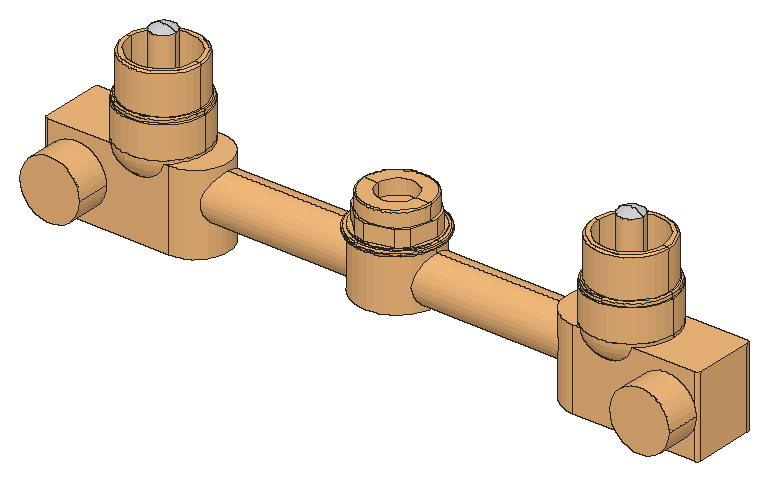
Revit family "Faucet-Valves_and_Controls-KOHLER-Components-K-28139T_1", category Plumbing Fixtures, host Face, Revit 2021
Family settings
  Host = Face
  Round Connector Dimension = Use Diameter
  Part Type = Normal
  OmniClass Number = 23.27.31.00
  OmniClass Title = Valves
  Cut with Voids When Loaded = No
  Shared = No
  Room Calculation Point = No
Parameters (values of type "NA-Brass")
  Width = 7.87402"  # constant formula
  WaterSense Certified = 1 = 0  # no
  Waste Water Outlet = "Waste Water Outlet"  # constant formula
  Waste Connection = 1 = 0  # no
  Vent Connection = 1 = 0  # no
  URL = "http://www.kohler.com.cn/"
  Type = 1
  Product Page URL = "http://www.kohler.com.cn/product/K-28139T-NA/K-28139T-NA/"
  Product Name = "Components"  # constant formula
  Product Documentation Link = "http://files.kohler.com.cn/pdfs/1535615820633_1299768-2_A1(28139T%2024896T).pdf"
  Pressure = 116.03 psi  # constant formula
  Model = if(Type = 1, "K-28139T-NA", if(Type = 2, "K-28139T-CP", if(Type = 3, "K-28139T-DR-NA", "NA")))  # "K-28139T-NA"
  Material = "Brass Construction"  # constant formula
  MasterFormat 2004 = "22.41.39"  # constant formula
  MasterFormat 1995 = "154300"  # constant formula
  Manufacturer Address = "Kohler Beijing Office (100016) 36-2-03-B, No. 88, Liuxiang Road, Beijing"  # constant formula
  Manufacturer = "Kohler Co."  # constant formula
  Length = 3 1/16"  # constant formula
  Hot Water Inlet = "Hot Water Inlet"  # constant formula
  Height = 2 1/16"  # constant formula
  HW Connection = 1 = 1  # yes
  Flow Rate = 0 GPM
  Finish = Kohler-Metal-Brass
  Environmental Product Declaration = ""
  Drain Included = 1 = 0  # no
  Description = if(or(Type = 1, Type = 2), "Double-handle wall lavatory faucet spool stem handle spool", "W/M DUAL HANDLE LAV FCT VALVE")  # "Double-handle wall lavatory faucet spool stem handle spool"
  Default Elevation = 36"
  Declare Label = ""
  Date Modified = "08/08/2022"  # constant formula
  Date Created = "05/26/2020"  # constant formula
  Copyright = "Copyright Kohler Co."  # constant formula
  Contact Us = "http://www.kohler.com.cn/contact/contact-us/"
  Cold Water Inlet = "Cold Water Inlet"  # constant formula
  CW Connection = 1 = 1  # yes
  Assembly Code = "D2020"
  ADA Compliant = 1 = 0  # no
Types (4): name | Type | Product Page URL | Product Documentation Link | Model | Finish | Description
  (no name) | 1 | "http://www.kohler.com.cn/product/K-28139T-NA/K-28139T-NA/" | "http://files.kohler.com.cn/pdfs/1535615820633_1299768-2_A1(28139T%2024896T).pdf" | "K-28139T-NA" | Kohler-Metal-Brass | "Double-handle wall lavatory faucet spool stem handle spool"
  NA-Brass | 1 | "http://www.kohler.com.cn/product/K-28139T-NA/K-28139T-NA/" | "http://files.kohler.com.cn/pdfs/1535615820633_1299768-2_A1(28139T%2024896T).pdf" | "K-28139T-NA" | Kohler-Metal-Brass | "Double-handle wall lavatory faucet spool stem handle spool"
  DR, NA-Brass | 3 | "" | "" | "K-28139T-DR-NA" | Kohler-Metal-Brass | "W/M DUAL HANDLE LAV FCT VALVE"
  CP-Polished Chrome | 2 | "http://www.kohler.com.cn/product/K-28139T-NA/K-28139T-CP/" | "http://files.kohler.com.cn/pdfs/1535615820633_1299768-2_A1(28139T%2024896T).pdf" | "K-28139T-CP" | Kohler-Metal-CP-Polished_Chrome | "Double-handle wall lavatory faucet spool stem handle spool"
Reference planes (in)
  plane 1 "Center (Front/Back)": y = 0
  plane 2: z = 0
  plane 3 "Center (Left/Right)": x = 0
  plane 4: y = 0.98425
  plane 5: y = -1.07825
  plane 6: z = 0.37276
  plane 7: z = -2.68974
  plane 8: x = -5.5
  plane 9: x = 5.5
  plane 10: x = 3.93701
  plane 11: x = -3.93701
  plane 12: z = -0.01258
  plane 13: z = -2.01594
  plane 14: y = -1.07825
  plane 15: x = -4.96063
  plane 16: x = 4.96063
  plane 17: y = -1.10236
  plane 18: z = -0.01396
Forms (in)
  Extrusion 1, void
    sketch origin (0, 0, 0) x (1, 0, 0) y (0, 1, 0)
      loop
        circle (3.93701, 0) r 0.75
      loop
        circle (-3.93701, 0) r 0.75
    from -1.35116 to -0.01258
  Extrusion 2, void
    sketch origin (0, 0, 0) x (1, 0, 0) y (0, 0, 1)
      loop
        line (5.5, -0.68187) -> (-5.5, -0.68187) -> (-5.5, -2.68974) -> (5.5, -2.68974) -> (5.5, -0.68187)
    from -0.98425 to 1.2582
  Extrusion 3, void
    sketch origin (0, 0, 0) x (1, 0, 0) y (0, 1, 0)
      loop
        circle (0, 0) r 0.57105
    from -1.35116 to -0.76061
  Extrusion 4, void
    sketch origin (0, 0, 0) x (1, 0, 0) y (0, 1, 0)
      loop
        circle (-3.93701, 0) r 0.20866
      loop
        circle (3.93701, 0) r 0.20866
    from 0.7334 to -0.01396
Dimensions and locks (in)
  "Width": plane 11 to plane 10
  "Length": plane 6 to plane 7
  "Height": plane 4 to plane 14
  plane 8 to plane 9 = 11"
  locked: level to plane 7 at 2.68974
  aligned and locked: plane 2 to host face
  aligned and locked: level to host face
  aligned and locked: Extrusion 4 to plane 18
Automatic sketch dimensions
  host sketch curve to host sketch curve = 96"  (x2)
  plane 8 to Extrusion 2 sketch curve = 0"
  Extrusion 2 sketch curve to plane 7 = 0"
  Extrusion 2 sketch curve to plane 9 = 0"
  plane 13 to Extrusion 2 sketch curve = 1.33407"
Nested families (in)
  nested 1: "K-28139T" at (0, 0, 0), type "K-28139T"
Connectors (in)
  piping at (-4.96063, -1.10236, -2.01594), diameter 0.5, driven by "HW Connection", driven by "Hot Water Inlet", driven by "Pressure"
    settings: on nested 1, index 1, connector inside diameter 24", connector length 0", flow factor 0, pipe flow 0 GPM, pressure drop 116.03 psi, fitting loss kfactor 0, connector angle 0.00°, fixture units 0, engagement length 0", angle of deflection 0.00°, flow configuration 0, flow direction 1, fitting loss method 4, system type 19, joint type 0, gender type 0, connector reference index -1, connector utility 1, adjustable connector no, is connector primary yes, connector description "Hot Water Inlet"
  piping at (4.96063, -1.10236, -2.01594), diameter 0.5, driven by "CW Connection", driven by "Cold Water Inlet", driven by "Pressure"
    settings: on nested 1, index 2, connector inside diameter 24", connector length 0", flow factor 0, pipe flow 0 GPM, pressure drop 116.03 psi, fitting loss kfactor 0, connector angle 0.00°, fixture units 0, engagement length 0", angle of deflection 0.00°, flow configuration 0, flow direction 1, fitting loss method 4, system type 20, joint type 0, gender type 0, connector reference index -1, connector utility 1, adjustable connector no, is connector primary no, connector description "Cold Water Inlet"
Definition of nested family "K-28139T"
  Parameters (values of type "K-28139T")
    Material = none
    Default Elevation = 0"
  Reference planes (in)
    plane 1 "Center (Front/Back)": y = 0
    plane 2: z = 0
    plane 3 "Center (Left/Right)": x = 0
    plane 4: x = -5.5
    plane 5: x = 5.5
    plane 6: x = -3.93701
    plane 7: x = 3.93701
    plane 8: z = -2.68974
    plane 9: z = 0.37276
    plane 10: z = -0.01258
    plane 11: z = -0.01258
    plane 12: z = 0.23742
    plane 13: x = -4.96063
    plane 14: x = 4.96063
  Forms (in)
    Extrusion 1, solid, detail levels medium+fine
      sketch origin (0, 0, 0) x (1, 0, 0) y (0, 1, 0)
        loop
          line (-5.5, 0.48286) -> (-5.5, -0.4936)
          arc (-5.5, -0.4936) -> (-5.48314, -0.53432) -> (-5.44242, -0.55118) r 0.05758
          line (-5.44242, -0.55118) -> (-3.39892, -0.55118)
          arc (-3.39892, -0.55118) -> (-2.84774, 0) -> (-3.39892, 0.55118) r 0.55118
          line (-3.39892, 0.55118) -> (-5.43168, 0.55118)
          arc (-5.43168, 0.55118) -> (-5.47999, 0.53117) -> (-5.5, 0.48286) r 0.06832
        loop
          arc (5.5, 0.48286) -> (5.47999, 0.53117) -> (5.43168, 0.55118) r 0.06832
          line (5.43168, 0.55118) -> (3.39892, 0.55118)
          arc (3.39892, 0.55118) -> (2.84774, 0) -> (3.39892, -0.55118) r 0.55118
          line (3.39892, -0.55118) -> (5.44242, -0.55118)
          arc (5.44242, -0.55118) -> (5.48314, -0.53432) -> (5.5, -0.4936) r 0.05758
          line (5.5, -0.4936) -> (5.5, 0.48286)
      from -2.68974 to -1.35116
    Revolve 2, solid, material <- "Material", detail levels medium+fine
      sketch origin (0, 0, 0) x (1, 0, 0) y (0, 0, 1)
        loop
          line (-4.54331, -0.01258) -> (-4.57247, -0.04174) -> (-4.57247, -0.68187) -> (-4.60717, -0.68187)
          arc (-4.60717, -0.68187) -> (-4.62182, -0.68794) -> (-4.62789, -0.70259) r 0.02072
          line (-4.62789, -0.70259) -> (-4.62789, -0.74787) -> (-4.59288, -0.76061) -> (-4.47755, -0.76061) -> (-4.47755, -0.01258) -> (-4.54331, -0.01258)
        axis (-3.93701, -0.01258) -> (-3.93701, -0.76061)
      angle from 0 to 360
    Revolve 3, solid, detail levels medium+fine
      sketch origin (0, 0, 0) x (1, 0, 0) y (0, 0, 1)
        loop
          line (3.38583, -1.86297) -> (3.38583, -1.46818) -> (-3.38583, -1.46818) -> (-3.38583, -1.86297) -> (3.38583, -1.86297)
        axis (-3.38583, -1.86297) -> (3.38583, -1.86297)
      angle from 0 to 360
    Extrusion 4, solid, detail levels medium+fine
      sketch origin (0, 0, 0) x (1, 0, 0) y (0, 0, 1)
        loop
          circle (4.96063, -2.01594) r 0.5
        loop
          circle (-4.96063, -2.01594) r 0.5
      from 0 to 1.10236
    Extrusion 5, solid, detail levels medium+fine
      sketch origin (0, 0, 0) x (1, 0, 0) y (0, 1, 0)
        loop
          line (-3.82061, 0.98425) -> (-4.04033, 0.98425)
          arc (-4.04033, 0.98425) -> (-4.10647, 0.95686) -> (-4.13386, 0.89073) r 0.09352
          line (-4.13386, 0.89073) -> (-4.13386, 0.40196) -> (-3.74016, 0.40196) -> (-3.74016, 0.9038)
          arc (-3.74016, 0.9038) -> (-3.76372, 0.96069) -> (-3.82061, 0.98425) r 0.08045
      from -2.68974 to -2.45352
    Extrusion 6, solid, detail levels medium+fine
      sketch origin (0, 0, 0) x (-1, 0, 0) y (0, -1, 0)
        loop
          arc (-3.82061, -0.98425) -> (-3.76372, -0.96069) -> (-3.74016, -0.9038) r 0.08045
          line (-3.74016, -0.9038) -> (-3.74016, -0.40196) -> (-4.13386, -0.40196) -> (-4.13386, -0.89073)
          arc (-4.13386, -0.89073) -> (-4.10647, -0.95686) -> (-4.04033, -0.98425) r 0.09352
          line (-4.04033, -0.98425) -> (-3.82061, -0.98425)
      from -2.68974 to -2.45352
    Revolve 7, solid, material <- "Material", detail levels medium+fine
      sketch origin (0, 0, 0) x (1, 0, 0) y (0, 0, 1)
        loop
          line (-0.32105, -0.76061) -> (-0.55137, -0.76061)
          arc (-0.55137, -0.76061) -> (-0.56529, -0.76637) -> (-0.57105, -0.78029) r 0.01969
          line (-0.57105, -0.78029) -> (-0.57105, -1.00566) -> (-0.6717, -1.00566) -> (-0.6717, -1.28104) -> (-0.72178, -1.28104)
          arc (-0.72178, -1.28104) -> (-0.7357, -1.2868) -> (-0.74147, -1.30072) r 0.01969
          line (-0.74147, -1.30072) -> (-0.74147, -1.3315)
          arc (-0.74147, -1.3315) -> (-0.7357, -1.34541) -> (-0.72178, -1.35118) r 0.01969
          line (-0.72178, -1.35118) -> (0, -1.35118) -> (0, -1.00566) -> (-0.32105, -1.00566) -> (-0.32105, -0.76061)
        axis (0, -0.76061) -> (0, -1.35118)
      angle from 0 to 360
    Extrusion 8, void
      sketch origin (0, 0, 0) x (1, 0, 0) y (0, 1, 0)
        loop
          arc (-0.36458, 0.51369) -> (-0.44569, 0.44569) -> (-0.51369, 0.36458) r 0.60478
          line (-0.51369, 0.36458) -> (-0.62716, -0.05889)
          arc (-0.62716, -0.05889) -> (-0.60807, -0.16293) -> (-0.57258, -0.26258) r 0.65927
          line (-0.57258, -0.26258) -> (-0.26258, -0.57258)
          arc (-0.26258, -0.57258) -> (-0.16294, -0.60812) -> (-0.05889, -0.62716) r 0.65565
          line (-0.05889, -0.62716) -> (0.36458, -0.51369)
          arc (0.36458, -0.51369) -> (0.44555, -0.44555) -> (0.51369, -0.36458) r 0.61729
          line (0.51369, -0.36458) -> (0.62716, 0.05889)
          arc (0.62716, 0.05889) -> (0.60911, 0.16321) -> (0.57258, 0.26258) r 0.58615
          line (0.57258, 0.26258) -> (0.26258, 0.57258)
          arc (0.26258, 0.57258) -> (0.16331, 0.60948) -> (0.05889, 0.62716) r 0.56389
          line (0.05889, 0.62716) -> (-0.36458, 0.51369)
        loop
          circle (0, 0) r 1.06625
      from -0.88954 to -1.27454
    Extrusion 9, solid, detail levels coarse
      sketch origin (0, 0, 0) x (1, 0, 0) y (0, 1, 0)
        loop
          line (-5.5, 0.55118) -> (-5.5, -0.55118) -> (-2.86918, -0.55118) -> (-2.86918, 0.55118) -> (-5.5, 0.55118)
        loop
          line (5.5, 0.55118) -> (2.86918, 0.55118) -> (2.86918, -0.55118) -> (5.5, -0.55118) -> (5.5, 0.55118)
      from -2.68974 to -1.24327
    Revolve 10, solid, detail levels coarse
      sketch origin (0, 0, 0) x (1, 0, 0) y (0, 0, 1)
        loop
          line (-3.03804, -1.85829) -> (3.24613, -1.85829) -> (3.24613, -1.35116) -> (-3.03804, -1.35116) -> (-3.03804, -1.85829)
        axis (-3.03804, -1.85829) -> (3.24613, -1.85829)
      angle from 0 to 360
    Revolve 11, solid, detail levels coarse
      sketch origin (0, 0, 0) x (1, 0, 0) y (0, 0, 1)
        loop
          line (-3.93701, 0.37276) -> (-4.14184, 0.37276) -> (-4.14184, -0.76061) -> (-4.68701, -0.76061) -> (-4.68701, -1.24327) -> (-3.93701, -1.24327) -> (-3.93701, 0.37276)
        axis (-3.93701, -1.24327) -> (-3.93701, 0.37276)
      angle from 0 to 360
    Extrusion 12, solid, detail levels coarse
      sketch origin (0, 0, 0) x (1, 0, 0) y (0, 1, 0)
        loop
          circle (0, 0) r 0.57105
      from -2.32529 to -1.21236
    Extrusion 13, solid, detail levels coarse
      sketch origin (0, 0, 0) x (1, 0, 0) y (0, 0, 1)
        loop
          circle (-4.96063, -2.01594) r 0.5
        loop
          circle (4.96063, -2.01594) r 0.5
      from 0 to 1.10236
    Extrusion 14, solid, detail levels medium+fine
      sketch origin (0, 0, 0) x (1, 0, 0) y (0, 0, 1)
        loop
          circle (-2.70729, -1.86297) r 0.09019
      from -0.39689 to -0.52271
    Extrusion 15, solid, detail levels medium+fine
      sketch origin (0, 0, 0) x (1, 0, 0) y (0, 1, 0)
        loop
          circle (0, 0) r 0.6717
      from -2.26722 to -1.35118
    Revolve 16, solid, detail levels medium+fine
      sketch origin (0, 0, 0) x (1, 0, 0) y (0, 0, 1)
        loop
          line (-3.93701, -0.76061) -> (-4.64567, -0.76061) -> (-4.64567, -1.3035)
          arc (-4.64567, -1.3035) -> (-4.60761, -1.49484) -> (-4.49922, -1.65706) r 0.5
          line (-4.49922, -1.65706) -> (-4.31833, -1.83795) -> (-3.93701, -1.83795) -> (-3.93701, -0.76061)
        axis (-3.93701, -0.76061) -> (-3.93701, -1.83795)
      angle from 0 to 360
    Revolve 17, solid, detail levels medium+fine
      sketch origin (0, 0, 0) x (1, 0, 0) y (0, 0, 1)
        loop
          arc (-3.93701, 0.37276) -> (-4.04692, 0.35211) -> (-4.14184, 0.29297) r 0.30282
          line (-4.14184, 0.29297) -> (-3.93701, 0.29297) -> (-3.93701, 0.37276)
        axis (-3.93701, 0.37276) -> (-3.93701, 0.29297)
      angle from 0 to 360
    Revolve 18, solid, material <- "Material", detail levels medium+fine
      sketch origin (0, 0, 0) x (-1, 0, 0) y (0, 0, -1)
        loop
          line (-4.54331, 0.01258) -> (-4.47755, 0.01258) -> (-4.47755, 0.76061) -> (-4.59288, 0.76061) -> (-4.62789, 0.74787) -> (-4.62789, 0.70259)
          arc (-4.62789, 0.70259) -> (-4.62182, 0.68794) -> (-4.60717, 0.68187) r 0.02072
          line (-4.60717, 0.68187) -> (-4.57247, 0.68187) -> (-4.57247, 0.04174) -> (-4.54331, 0.01258)
        axis (-3.93701, 0.01258) -> (-3.93701, 0.76061)
      angle from 0 to 360
    Revolve 19, solid, detail levels medium+fine
      sketch origin (0, 0, 0) x (1, 0, 0) y (0, 0, 1)
        loop
          line (-3.93701, -0.76061) -> (-3.93701, 0.29297) -> (-4.14184, 0.29297) -> (-4.14184, -0.54286) -> (-4.4128, -0.54286) -> (-4.4128, -0.76061) -> (-3.93701, -0.76061)
        axis (-3.93701, 0.29297) -> (-3.93701, -0.76061)
      angle from 0 to 360
    Revolve 20, solid, detail levels medium+fine
      sketch origin (0, 0, 0) x (-1, 0, 0) y (0, 0, -1)
        loop
          line (-3.93701, 0.76061) -> (-3.93701, 1.83795) -> (-4.31833, 1.83795) -> (-4.49922, 1.65706)
          arc (-4.49922, 1.65706) -> (-4.60761, 1.49484) -> (-4.64567, 1.3035) r 0.5
          line (-4.64567, 1.3035) -> (-4.64567, 0.76061) -> (-3.93701, 0.76061)
        axis (-3.93701, 0.76061) -> (-3.93701, 1.83795)
      angle from 0 to 360
    Revolve 21, solid, detail levels medium+fine
      sketch origin (0, 0, 0) x (-1, 0, 0) y (0, 0, -1)
        loop
          line (-3.93701, -0.37276) -> (-3.93701, -0.29297) -> (-4.14184, -0.29297)
          arc (-4.14184, -0.29297) -> (-4.04692, -0.35211) -> (-3.93701, -0.37276) r 0.30282
        axis (-3.93701, -0.37276) -> (-3.93701, -0.29297)
      angle from 0 to 360
    Revolve 22, solid, detail levels medium+fine
      sketch origin (0, 0, 0) x (-1, 0, 0) y (0, 0, -1)
        loop
          line (-3.93701, 0.76061) -> (-4.4128, 0.76061) -> (-4.4128, 0.54286) -> (-4.14184, 0.54286) -> (-4.14184, -0.29297) -> (-3.93701, -0.29297) -> (-3.93701, 0.76061)
        axis (-3.93701, -0.29297) -> (-3.93701, 0.76061)
      angle from 0 to 360
    Revolve 23, solid, detail levels coarse
      sketch origin (0, 0, 0) x (-1, 0, 0) y (0, 0, -1)
        loop
          line (-3.93701, -0.37276) -> (-3.93701, 1.24327) -> (-4.68701, 1.24327) -> (-4.68701, 0.76061) -> (-4.14184, 0.76061) -> (-4.14184, -0.37276) -> (-3.93701, -0.37276)
        axis (-3.93701, 1.24327) -> (-3.93701, -0.37276)
      angle from 0 to 360
    Extrusion 24, solid, material <- "Material", detail levels coarse
      sketch origin (0, 0, 0) x (1, 0, 0) y (0, 1, 0)
        loop
          circle (-3.93701, 0) r 0.75
        loop
          circle (3.93701, 0) r 0.75
        loop
          circle (-3.93701, 0) r 0.55469
        loop
          circle (3.93701, 0) r 0.55469
      from -0.76061 to -0.01258
    Extrusion 25, solid, material <- "Material", detail levels coarse
      sketch origin (0, 0, 0) x (1, 0, 0) y (0, 1, 0)
        loop
          circle (0, 0) r 0.57105
      from -1.21236 to -0.76061
  Cuts and joins
    Extrusion 8 cuts Revolve 7
    joined: Revolve 2, Revolve 7
    joined: Extrusion 1, Revolve 3, Extrusion 4, Extrusion 5, Extrusion 6, Extrusion 15, Revolve 16
    joined: Extrusion 9, Revolve 10, Revolve 11, Extrusion 12, Extrusion 13, Revolve 23
    joined: Revolve 17, Revolve 21
    joined: Extrusion 24, Extrusion 25
  Lines and regions (in)
    Masking region 1, detail levels medium+fine
      outline origin (0, 0, 0) x (1, 0, 0) y (0, 0, 1)
        loop
          line (-4.54331, -0.01258) -> (-4.57247, -0.04174) -> (-4.57247, -0.68215) -> (-4.60752, -0.68215)
          arc (-4.60752, -0.68215) -> (-4.62192, -0.68812) -> (-4.62789, -0.70252) r 0.02037
          line (-4.62789, -0.70252) -> (-4.62789, -0.74787) -> (-4.59288, -0.76061) -> (-4.64567, -0.76061) -> (-4.64567, -1.35116) -> (-5.5, -1.35116) -> (-5.5, -2.68974) -> (-2.84774, -2.68974) -> (-2.84774, -2.25776) -> (2.84774, -2.25776) -> (2.84774, -2.68974) -> (5.5, -2.68974) -> (5.5, -1.35116) -> (4.64567, -1.35116) -> (4.64567, -0.76061) -> (4.59288, -0.76061) -> (4.62789, -0.74787) -> (4.62789, -0.70252)
          arc (4.62789, -0.70252) -> (4.62192, -0.68812) -> (4.60752, -0.68215) r 0.02037
          line (4.60752, -0.68215) -> (4.57247, -0.68215) -> (4.57247, -0.04174) -> (4.54331, -0.01258) -> (3.99529, -0.01258) -> (3.33071, -0.01258) -> (3.30155, -0.04174) -> (3.30155, -0.68215) -> (3.2665, -0.68215)
          arc (3.2665, -0.68215) -> (3.25209, -0.68812) -> (3.24613, -0.70252) r 0.02037
          line (3.24613, -0.70252) -> (3.24613, -0.74787) -> (3.28113, -0.76061) -> (3.22835, -0.76061) -> (3.22835, -1.35116) -> (2.84774, -1.35116) -> (2.84774, -1.46818) -> (0.6717, -1.46818) -> (0.6717, -1.35118) -> (0.72178, -1.35118)
          arc (0.72178, -1.35118) -> (0.7357, -1.34541) -> (0.74147, -1.3315) r 0.01969
          line (0.74147, -1.3315) -> (0.74147, -1.30072)
          arc (0.74147, -1.30072) -> (0.7357, -1.2868) -> (0.72178, -1.28104) r 0.01969
          line (0.72178, -1.28104) -> (0.62716, -1.28104) -> (0.62716, -1.00566) -> (0.57105, -1.00566) -> (0.57105, -0.76061) -> (-0.57105, -0.76061) -> (-0.57105, -1.00566) -> (-0.62716, -1.00566) -> (-0.62716, -1.28104) -> (-0.72178, -1.28104)
          arc (-0.72178, -1.28104) -> (-0.7357, -1.2868) -> (-0.74147, -1.30072) r 0.01969
          line (-0.74147, -1.30072) -> (-0.74147, -1.3315)
          arc (-0.74147, -1.3315) -> (-0.7357, -1.34541) -> (-0.72178, -1.35118) r 0.01969
          line (-0.72178, -1.35118) -> (-0.6717, -1.35118) -> (-0.6717, -1.46818) -> (-2.84774, -1.46818) -> (-2.84774, -1.35116) -> (-3.22835, -1.35116) -> (-3.22835, -0.76061) -> (-3.28113, -0.76061) -> (-3.24613, -0.74787) -> (-3.24613, -0.70252)
          arc (-3.24613, -0.70252) -> (-3.25209, -0.68812) -> (-3.2665, -0.68215) r 0.02037
          line (-3.2665, -0.68215) -> (-3.30155, -0.68215) -> (-3.30155, -0.04174) -> (-3.33071, -0.01258) -> (-3.96987, -0.01258) -> (-4.54331, -0.01258)
    Masking region 2
      outline origin (0, 0, 0) x (0, 1, 0) y (0, 0, 1)
        loop
          line (-0.00068, -0.01258) -> (-0.6063, -0.01258) -> (-0.63546, -0.04174) -> (-0.63546, -0.68187) -> (-0.66889, -0.68187)
          arc (-0.66889, -0.68187) -> (-0.68444, -0.68831) -> (-0.69088, -0.70386) r 0.02199
          line (-0.69088, -0.70386) -> (-0.69088, -0.74787) -> (-0.65588, -0.76061) -> (-0.70866, -0.76061) -> (-0.70866, -1.35847)
          arc (-0.70866, -1.35847) -> (-0.70253, -1.41518) -> (-0.6844, -1.46927) r 0.26514
          line (-0.6844, -1.46927) -> (-1.10236, -1.46927) -> (-1.10236, -2.5626) -> (-0.55118, -2.5626) -> (-0.55118, -2.68974) -> (0.98425, -2.68974) -> (0.98425, -2.45352) -> (0.55118, -2.45352) -> (0.55118, -2.25667) -> (0.6717, -2.25667) -> (0.6717, -1.4935)
          arc (0.6717, -1.4935) -> (0.69925, -1.42847) -> (0.70866, -1.35847) r 0.26514
          line (0.70866, -1.35847) -> (0.70866, -0.76061) -> (0.65588, -0.76061) -> (0.69088, -0.74787) -> (0.69088, -0.70386)
          arc (0.69088, -0.70386) -> (0.68444, -0.68831) -> (0.66889, -0.68187) r 0.02199
          line (0.66889, -0.68187) -> (0.63546, -0.68187) -> (0.63546, -0.04174) -> (0.6063, -0.01258) -> (-0.00068, -0.01258)
    Masking region 3
      outline origin (0, 0, 0) x (1, 0, 0) y (0, 1, 0)
        loop
          circle (-3.93701, 0) r 0.20066
        loop
          circle (3.93701, 0) r 0.20066
    Masking region 4
      outline origin (0, 0, 0) x (1, 0, 0) y (0, 0, 1)
        loop
          arc (4.14184, 0.29297) -> (3.93701, 0.37276) -> (3.73217, 0.29297) r 0.30282
          line (3.73217, 0.29297) -> (3.73217, -0.01258) -> (4.14184, -0.01258) -> (4.14184, 0.29297)
        loop
          line (-4.14184, 0.29297) -> (-4.14184, -0.01258) -> (-3.73217, -0.01258) -> (-3.73217, 0.29297)
          arc (-3.73217, 0.29297) -> (-3.93701, 0.37276) -> (-4.14184, 0.29297) r 0.30282
    Masking region 5
      outline origin (0, 0, 0) x (0, 1, 0) y (0, 0, 1)
        loop
          arc (0.20484, 0.29297) -> (0, 0.37276) -> (-0.20484, 0.29297) r 0.30282
          line (-0.20484, 0.29297) -> (-0.20484, -0.01258) -> (0.20484, -0.01258) -> (0.20484, 0.29297)
    symbolic lines, detail levels medium+fine
      curve 1: line (-3.30155, 0, -0.04174) -> (-4.57247, 0, -0.04174)
      curve 2: line (-4.57247, 0, -0.68215) -> (-3.30155, 0, -0.68215)
      curve 3: line (-4.62789, 0, -0.74787) -> (-3.24613, 0, -0.74787)
      curve 4: line (-4.59288, 0, -0.76061) -> (-3.27726, 0, -0.76061)
      curve 5: line (3.30155, 0, -0.04174) -> (4.57247, 0, -0.04174)
      curve 6: line (4.57247, 0, -0.68215) -> (3.30155, 0, -0.68215)
      curve 7: line (4.62789, 0, -0.74787) -> (3.24613, 0, -0.74787)
      curve 8: line (4.59288, 0, -0.76061) -> (3.27726, 0, -0.76061)
      curve 9: arc (-4.06732, 0, -1.65278) -> (-4.26958, 0, -1.5496) -> (-4.37992, 0, -1.35116) r 0.38946
      curve 10: arc (-3.80669, 0, -1.65278) -> (-3.93701, 0, -1.66809) -> (-4.06732, 0, -1.65278) r 0.56221
      curve 11: arc (-3.4941, 0, -1.35116) -> (-3.60444, 0, -1.5496) -> (-3.80669, 0, -1.65278) r 0.38946
      curve 12: line (-2.84774, 0, -1.46818) -> (-2.84774, 0, -2.25776)
      curve 13: arc (3.80669, 0, -1.65278) -> (3.60444, 0, -1.5496) -> (3.4941, 0, -1.35116) r 0.38946
      curve 14: arc (4.37992, 0, -1.35116) -> (4.26958, 0, -1.5496) -> (4.06732, 0, -1.65278) r 0.38946
      curve 15: arc (4.06732, 0, -1.65278) -> (3.93701, 0, -1.66809) -> (3.80669, 0, -1.65278) r 0.56221
      curve 16: line (4.64339, 0, -1.35116) -> (4.37992, 0, -1.35116)
      curve 17: line (3.23062, 0, -1.35116) -> (3.4941, 0, -1.35116)
      curve 18: line (-4.64339, 0, -1.35116) -> (-4.37992, 0, -1.35116)
      curve 19: line (-3.23062, 0, -1.35116) -> (-3.4941, 0, -1.35116)
      curve 20: line (-0.57258, 0, -1.00566) -> (0.57105, 0, -1.00566)
      curve 21: line (-0.05889, 0, -1.06733) -> (-0.05889, 0, -1.28104)
      curve 22: line (-0.26258, 0, -1.06733) -> (-0.26258, 0, -1.28104)
      curve 23: line (-0.57258, 0, -1.06733) -> (-0.57258, 0, -1.28104)
      curve 24: line (0.36458, 0, -1.06733) -> (0.36458, 0, -1.28104)
      curve 25: line (0.51369, 0, -1.06544) -> (0.51369, 0, -1.28104)
      curve 26: arc (-0.57258, 0, -1.06733) -> (-0.41758, 0, -1.01106) -> (-0.26258, 0, -1.06733) r 0.24161
      curve 27: arc (-0.05889, 0, -1.06733) -> (0.15285, 0, -1.00558) -> (0.36458, 0, -1.06733) r 0.39386
      curve 28: line (-0.6717, 0, -1.46818) -> (0.69408, 0, -1.46818)
      curve 29: arc (0.62716, 0, -1.06544) -> (0.57043, 0, -1.00871) -> (0.51369, 0, -1.06544) r 0.05673
      curve 30: line (0, 0.55118, -1.35116) -> (0, -0.55118, -1.35116)
      curve 31: line (0, 0.55118, -1.35116) -> (0, 0.55118, -2.68974)
      curve 32: line (0, 0.65588, -0.76061) -> (0, -0.65588, -0.76061)
      curve 33: line (0, -0.69088, -0.74787) -> (0, 0.69088, -0.74787)
      curve 34: line (0, 0.63546, -0.68187) -> (0, -0.63546, -0.68187)
      curve 35: line (0, 0.63546, -0.04174) -> (0, -0.63546, -0.04174)
      curve 36: arc (0, 0.6717, -1.4935) -> (0, 0.61905, -1.58088) -> (0, 0.55118, -1.65706) r 0.55093
      curve 37: line (0, -0.55118, -1.35116) -> (0, -0.55118, -2.27424)
      curve 38: line (0, -0.55118, -2.5626) -> (0, -0.55118, -2.27424)
      curve 39: arc (0, -0.6844, -1.46927) -> (0, -0.62968, -1.57159) -> (0, -0.55118, -1.65706) r 0.462
      curve 40: line (2.84774, 0, -1.46818) -> (2.84774, 0, -2.25776)
      curve 49: line (4.13386, 0, -2.68974) -> (4.13386, 0, -2.45352)
      curve 50: line (4.13386, 0, -2.45352) -> (3.74016, 0, -2.45352)
      curve 51: line (3.74016, 0, -2.45352) -> (3.74016, 0, -2.68974)
      curve 52: line (-3.74016, 0, -2.68974) -> (-3.74016, 0, -2.45352)
      curve 53: line (-3.74016, 0, -2.45352) -> (-4.13386, 0, -2.45352)
      curve 54: line (-4.13386, 0, -2.45352) -> (-4.13386, 0, -2.68974)
      curve 55: line (0, -0.6717, -2.25667) -> (0, -0.55118, -2.25667)
      curve 56: line (0, -0.6717, -2.25667) -> (0, -0.6717, -1.49927)
      curve 57: arc (-2.6171, 0, -1.86297) -> (-2.70729, 0, -1.77278) -> (-2.79748, 0, -1.86297) r 0.09019
      curve 58: arc (-2.79748, 0, -1.86297) -> (-2.70729, 0, -1.95316) -> (-2.6171, 0, -1.86297) r 0.09019
      curve 59: line (0.62716, 0, -1.28104) -> (-0.62716, 0, -1.28104)
      curve 60: line (-0.6717, 0, -1.35118) -> (0.6717, 0, -1.35118)
      curve 61: arc (-0.6717, 0, -1.46818) -> (-0.52545, 0, -1.86243) -> (-0.6717, 0, -2.25667) r 0.6045
      curve 62: arc (0.6717, 0, -1.46818) -> (0.52545, 0, -1.86243) -> (0.6717, 0, -2.25667) r 0.6045
    symbolic lines, detail levels coarse
      curve 41: line (-0.79287, 0, -0.87367) -> (-0.79287, 0, -1.46818)
      curve 42: line (0.79287, 0, -0.87367) -> (0.79287, 0, -1.46818)
      curve 43: line (-0.79287, 0, -0.87367) -> (0.79287, 0, -1.46818)
      curve 44: line (0.79287, 0, -0.87367) -> (-0.79287, 0, -1.46818)
      curve 45: line (0, 0, -1.17092) -> (0, 0, -1.72275)
      curve 46: line (0, 0, -1.72275) -> (-0.29538, 0, -1.72275)
      curve 47: line (0, 0, -1.72275) -> (0.29538, 0, -1.72275)
      curve 48: arc (-0.29538, 0, -1.72275) -> (0, 0, -1.91653) -> (0.29538, 0, -1.72275) r 0.32202
  Dimensions and locks (in)
    plane 3 "Center (Left/Right)" to plane 4 = 5 1/2"
    plane 3 "Center (Left/Right)" to plane 6 = 3.93701"
    plane 9 to plane 8 = 3 1/16"
    plane 10 to plane 8 = 2.67717"
    aligned and locked: plane 2 to level
